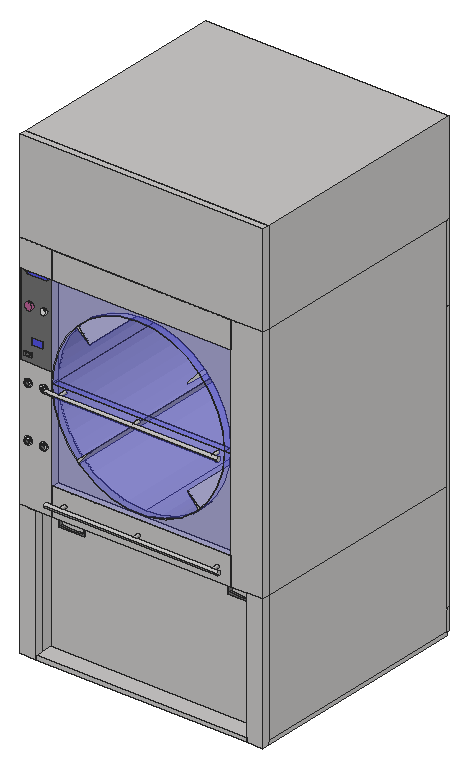
Revit family "QF_ELECTROLUXPROFESSIONAL_1LSPHR_TD6-45SLD_S", category Attrezzature speciali, Revit 2021
Family settings
  Quota connettore circolare = Usa diametro
  Tipo di parte = Normale
  Basato su piano di lavoro = No
  Sempre verticale = Sì
  Taglio con vuoti quando caricato = No
  Condiviso = No
  Punto di calcolo locali = No
Parameters (values of type "1L0HDK")
  Weight in Pounds = 494
  Watts = 3 W
  Volts = 380 V
  URL = "https://www.electroluxprofessional.com"
  Steam Supply Size = 25 mm
  Steam Supply Minimum Pressure = 100.0 Pa
  Steam Supply Maximum Pressure = 1000.0 Pa
  Steam Pounds per Hour = 0
  Prospetto di default = 0 mm
  Produttore = "Electrolux Professional"
  Phase = 3
  Model = ""
  Length Actual = 1314 mm
  Item Number = "9875030029"
  Hot Water Size = 0 mm
  Height Actual = 2465 mm
  Gas Size = 0 mm
  Gas KW = 0
  Direct Waste Size = 0 mm
  Description = "TUMBLE DRYER DRUM VOLUME 900L CAPACITY 45KG/100LB SLIDING DOOR "
  Depth Actual = 1300 mm
  Cycle = 50 Hz
  Condensate Return Size = 25 mm
  Compressed Air Volume = 0.0 L/s
  Compressed Air Size = 0 mm
  Compressed Air Pressure = 0.0 Pa
  Cold Water Size = 0 mm
  ALL_MODEL_IMAGE = 0
Types (4, lengths in mm): name | Weight in Pounds | Length Actual | Item Number | Height Actual | Depth Actual
  (no name) | 494 | 1314 | "9875030029" | 2465 | 1300
  1L0HDK | 494 | 1314 | "9875030029" | 2465 | 1300
  1L82BD | 546 | 1320 | "9875030016" | 2550 | 1305
  1L99A4 | 546 | 1320 | "9875030036" | 2550 | 1305
Reference planes
  plane 1 "Center (Front/Back)": y = 0
  plane 2: z = 0
  plane 3 "Center (Left/Right)": x = 0
  plane 4 "LEFT": x = -645
  plane 5 "RIGHT": x = 675
  plane 6 "BACK": y = 607.5
  plane 7 "FRONT": y = -697.5
  plane 8 "voidPanel": through (0, -279.09, 846.678) normal (0, -0.9308, 0.3656)
  plane 9 "TOP": z = 2550
  plane 10: z = 2050
  plane 11: z = 930
  plane 12 "GasZ": z = 2130
  plane 13 "EI_Z": z = 1670
  plane 14 "SteamReturn_Z": z = 2130
  plane 15 "SteamInletZ": z = 2425
  plane 16: z = 750
  plane 17 "Maniglia": z = 825
  plane 18: x = 510
  plane 19 "STEAM_x": x = 145
  plane 20 "GAS_x": x = 15
  plane 21 "Button1": x = -600
  plane 22 "Button2": x = -515
  plane 23 "AIR_z": z = 330
  plane 24: z = 2660
  plane 25: y = -942.5
Forms (mm)
  Revolve 1, solid, material "Glass"
    sketch origin (0, -25, 1395) x (-1, 0, 0) y (0, -1, 0)
      loop
        line (271.034, -452.879) -> (240.785, -467.184)
        arc (240.785, -467.184) -> (232.42, -469.524) -> (223.77, -470.313) r 47.824
        line (223.77, -470.313) -> (0, -470.313) -> (0, -472.313) -> (223.77, -472.313)
        arc (223.77, -472.313) -> (232.82, -471.484) -> (241.57, -469.025) r 49.824
        line (241.57, -469.025) -> (271.889, -454.687)
        arc (271.889, -454.687) -> (278.705, -450.474) -> (284.416, -444.854) r 35.892
        line (284.416, -444.854) -> (447.003, -444.854)
        arc (447.003, -444.854) -> (463.264, -438.119) -> (470, -421.858) r 22.997
        line (470, -421.858) -> (470, 672.5) -> (465, 672.5) -> (465, -421.858)
        arc (465, -421.858) -> (459.729, -434.583) -> (447.003, -439.854) r 17.997
        line (447.003, -439.854) -> (285.5, -439.854)
        arc (285.5, -439.854) -> (279.222, -447.428) -> (271.034, -452.879) r 33.892
      axis (0, -472.313) -> (0, 672.5)
    angle from 0 to 360
  Extrusion 2, solid, material "QF_Finishes_Rubber Black"
    sketch origin (25, 0, 0) x (1, 0, 0) y (0, 1, 0)
      loop
        circle (-610, 510.1) r 20
    from 0 to 10
  Extrusion 3, solid, material "QF_Finishes_Stainless Steel"
    sketch origin (25, 0, 0) x (1, 0, 0) y (0, 1, 0)
      loop
        circle (-610, 510.1) r 11
    from 10 to 25
  Extrusion 4, solid, material "QF_Finishes_Rubber Black"
    sketch origin (25, 0, 0) x (1, 0, 0) y (0, 1, 0)
      loop
        circle (-610, -596.3) r 20
    from 0 to 10
  Extrusion 5, solid, material "QF_Finishes_Stainless Steel"
    sketch origin (25, 0, 0) x (1, 0, 0) y (0, 1, 0)
      loop
        circle (-610, -596.3) r 11
    from 10 to 25
  Extrusion 6, solid, material "QF_Finishes_Rubber Black"
    sketch origin (-25, 0, 0) x (-1, 0, 0) y (0, -1, 0)
      loop
        circle (-640, -510.1) r 20
    from 0 to 10
  Extrusion 7, solid, material "QF_Finishes_Stainless Steel"
    sketch origin (-25, 0, 0) x (-1, 0, 0) y (0, -1, 0)
      loop
        circle (-640, -510.1) r 11
    from 10 to 25
  Extrusion 8, solid, material "QF_Finishes_Rubber Black"
    sketch origin (-25, 0, 0) x (-1, 0, 0) y (0, -1, 0)
      loop
        circle (-640, 596.3) r 20
    from 0 to 10
  Extrusion 9, solid, material "QF_Finishes_Stainless Steel"
    sketch origin (-25, 0, 0) x (-1, 0, 0) y (0, -1, 0)
      loop
        circle (-640, 596.3) r 11
    from 10 to 25
  Extrusion 10, solid, material "QF_Finishes_Stainless Steel"
    sketch origin (0, 607.5, 0) x (0, 0, 1) y (-1, 0, 0)
      loop
        circle (1670, -510) r 5
    from 35 to 45
  Extrusion 11, solid, material "QF_Finishes_Dark Grey"
    sketch origin (0, -697.5, 0) x (0, 0, 1) y (-1, 0, 0)
      loop
        line (1900, 472) -> (1900, 486.361) -> (1885, 501.361) -> (1885, 601.361) -> (1900, 616.361) -> (1900, 643) -> (1455, 643) -> (1455, 472) -> (1900, 472)
      loop
        line (1547.246, 521.361) -> (1582.246, 521.361) -> (1582.246, 581.361) -> (1547.246, 581.361) -> (1547.246, 521.361)
    from 0 to -40
  Extrusion 12, solid, material "QF_Finishes_Stainless Steel"
    sketch origin (0, -697.5, 0) x (0, 0, 1) y (-1, 0, 0)
      loop
        line (2050, -675) -> (2050, 645) -> (750, 645) -> (750, -675) -> (2050, -675)
      loop
        circle (1395, 0) r 470
    from -1248 to -40
  Extrusion 13, solid, material "QF_Finishes_Stainless Steel"
    sketch origin (0, -697.5, 0) x (0, 0, 1) y (-1, 0, 0)
      loop
        line (2550, 645) -> (2050, 645) -> (2050, -675) -> (2550, -675) -> (2550, 645)
    from 0 to -40
  Extrusion 14, solid, material "QF_Finishes_Stainless Steel"
    sketch origin (0, -697.5, 0) x (0, 0, 1) y (-1, 0, 0)
      loop
        line (2550, 645) -> (2050, 645) -> (2050, -675) -> (2550, -675) -> (2550, 645)
    from -40 to -1260
  Extrusion 15, solid, material "QF_Finishes_Stainless Steel"
    sketch origin (0, 0, 0) x (0, 1, 0) y (0, 0, 1)
      loop
        circle (-742.5, 825) r 10
    from -470 to 470
  Extrusion 16, solid, material "QF_Finishes_Stainless Steel"
    sketch origin (0, -697.5, 0) x (0, 0, 1) y (-1, 0, 0)
      loop
        circle (825, 0) r 7.495
      loop
        circle (825, 400) r 7.495
      loop
        circle (825, -430) r 7.495
    from 0 to 45.288
  Extrusion 17, solid, material "QF_Finishes_Stainless Steel"
    sketch origin (0, 0, 0) x (1, 0, 0) y (0, 1, 0)
      loop
        line (-645, 550.5) -> (-645, -657.5) -> (675, -657.5) -> (675, 550.5) -> (-645, 550.5)
    from 45 to 25
  Extrusion 18, solid, material "QF_Finishes_Stainless Steel"
    sketch origin (0, -697.5, -1800) x (0, 0, 1) y (-1, 0, 0)
      loop
        line (2550, 645) -> (1825, 645) -> (1825, 557.5) -> (2550, 557.5) -> (2550, 645)
      loop
        line (2550, -675) -> (2550, -587.5) -> (1825, -587.5) -> (1825, -675) -> (2550, -675)
    from 0 to -40
  Extrusion 19, solid, material "QF_Finishes_Stainless Steel"
    sketch origin (0, -697.5, -1800) x (0, 0, 1) y (-1, 0, 0)
      loop
        line (2550, 645) -> (1845, 645) -> (1845, -675) -> (2550, -675) -> (2550, 645)
    from -40 to -1248
  Extrusion 20, solid, material "QF_Finishes_Stainless Steel"
    sketch origin (0, 607.5, 0) x (0, 0, 1) y (-1, 0, 0)
      loop
        line (1630, 645) -> (159, 645) -> (159, -675) -> (1630, -675) -> (1630, 645)
      loop
        circle (330, 415) r 165.732
    from 45 to 57
  Extrusion 21, solid, material "QF_Finishes_Stainless Steel"
    sketch origin (0, 607.5, 85) x (0, 0, 1) y (-1, 0, 0)
      loop
        circle (245, 415) r 157.5
    from 27 to 57
  Extrusion 22, solid, material "QF_Finishes_Stainless Steel"
    sketch origin (0, 607.5, 0) x (0, 0, 1) y (-1, 0, 0)
      loop
        line (2050, -675) -> (2050, 645) -> (1630, 645) -> (1630, -335) -> (1710, -335) -> (1710, -635) -> (1630, -635) -> (1630, -675) -> (2050, -675)
    from 45 to 57
  Extrusion 23, solid, material "QF_Finishes_Stainless Steel"
    sketch origin (0, 607.5, 0) x (0, 0, 1) y (-1, 0, 0)
      loop
        circle (1395, 0) r 602.448
    from 82 to 57
  Extrusion 24, solid, material "QF_Finishes_Stainless Steel"
    sketch origin (0, 607.5, 0) x (0, 0, 1) y (-1, 0, 0)
      loop
        line (1811, -415) -> (1731, -415) -> (1731, -495) -> (1811, -495) -> (1811, -415)
    from 35 to 45
  Extrusion 25, solid, material "QF_Finishes_Stainless Steel"
    sketch origin (0, 607.5, 0) x (0, 0, 1) y (-1, 0, 0)
      loop
        circle (1771, -455) r 40
    from 15 to 35
  Extrusion 26, solid, material "QF_Finishes_Stainless Steel"
    sketch origin (0, 607.5, 0) x (0, 0, 1) y (-1, 0, 0)
      loop
        line (1806, -450) -> (1736.952, -450) -> (1736.952, -460) -> (1806, -460) -> (1806, -450)
    from 0 to 15
  Extrusion 27, solid, material "QF_Finishes_Stainless Steel"
    sketch origin (0, 607.5, 0) x (0, 0, 1) y (-1, 0, 0)
      loop
        circle (2425, -145) r 16.625
    from 35 to 45
  Extrusion 28, solid, material "QF_Finishes_Stainless Steel"
    sketch origin (0, 607.5, 0) x (0, 0, 1) y (-1, 0, 0)
      loop
        circle (2130, -145) r 16.625
    from 35 to 45
  Extrusion 29, solid, material "QF_Finishes_Blue"
    sketch origin (0, -697.5, -55) x (0, 0, 1) y (-1, 0, 0)
      loop
        line (1955, 616.361) -> (1940, 601.361) -> (1940, 501.361) -> (1955, 486.361) -> (1955, 616.361)
    from 0 to -40
  Extrusion 30, solid, material "QF_Finishes_Red"
    sketch origin (10, -697.5, -245) x (0, 0, 1) y (-1, 0, 0)
      loop
        circle (1980, 601.361) r 20
    from 10 to 0
  Extrusion 31, solid, material "QF_Finishes_White"
    sketch origin (-1112.721, -697.5, -245) x (0, 0, 1) y (-1, 0, 0)
      loop
        circle (1980, -601.361) r 15
    from 10 to 0
  Extrusion 32, solid, material "QF_Finishes_Blue"
    sketch origin (0, -697.5, -325) x (0, 0, 1) y (-1, 0, 0)
      loop
        line (1907.246, 581.361) -> (1872.246, 581.361) -> (1872.246, 521.361) -> (1907.246, 521.361) -> (1907.246, 581.361)
    from 0 to -40
  Extrusion 33, solid, material "QF_Finishes_Dark Grey"
    sketch origin (0, -697.5, -325) x (0, 0, 1) y (-1, 0, 0)
      loop
        line (1830.636, 611.24) -> (1814.636, 611.24) -> (1814.636, 587.24) -> (1830.636, 587.24) -> (1830.636, 611.24)
      loop
        line (1812.636, 619.24) -> (1812.636, 579.24) -> (1832.636, 579.24) -> (1832.636, 619.24) -> (1812.636, 619.24)
    from 5 to 0
  Extrusion 34, solid, material "QF_Finishes_Dark Grey"
    sketch origin (0, -697.5, -325) x (0, 0, 1) y (-1, 0, 0)
      loop
        line (1815.636, 588.24) -> (1829.636, 588.24) -> (1829.636, 607.24) -> (1815.636, 607.24) -> (1815.636, 588.24)
    from 5 to 0
  Extrusion 35, solid, material "QF_Finishes_Stainless Steel"
    sketch origin (0, -697.5, 0) x (0, 0, 1) y (-1, 0, 0)
      loop
        line (750, 470) -> (2050, 470) -> (2050, 645) -> (750, 645) -> (750, 470)
      loop
        line (1455, 472) -> (1900, 472) -> (1900, 643) -> (1455, 643) -> (1455, 472)
    from 0 to -40
  Extrusion 36, solid, material "Glass"
    sketch origin (-2.279, -697.5, 0) x (0, 0, 1) y (-1, 0, 0)
      loop
        line (1900, 467.721) -> (1395, 467.721) -> (1395, -502.279) -> (1900, -502.279) -> (1900, 467.721)
    from 0 to -40
  Extrusion 37, solid, material "Glass"
    sketch origin (0, -697.5, 0) x (0, 0, 1) y (-1, 0, 0)
      loop
        line (1395, 470) -> (900, 470) -> (900, -500) -> (1395, -500) -> (1395, 470)
    from 0 to -40
  Extrusion 38, solid, material "QF_Finishes_Stainless Steel"
    sketch origin (0, -697.5, 2630) x (0, 0, -1) y (1, 0, 0)
      loop
        line (730, -470) -> (730, 500) -> (580, 500) -> (580, -470) -> (730, -470)
    from 0 to -40
  Extrusion 39, solid, material "QF_Finishes_Stainless Steel"
    sketch origin (0, -697.5, 0) x (0, 0, 1) y (-1, 0, 0)
      loop
        line (750, -500) -> (750, -675) -> (2050, -675) -> (2050, -500) -> (750, -500)
    from -40 to 0
  Extrusion 40, solid, material "QF_Finishes_Stainless Steel"
    sketch origin (0, -697.5, 0) x (0, 0, 1) y (-1, 0, 0)
      loop
        line (900, 470) -> (750, 470) -> (750, -500) -> (900, -500) -> (900, 470)
    from 0 to -40
  Extrusion 41, solid, material "QF_Finishes_Stainless Steel"
    sketch origin (0, -697.5, 0) x (0, 0, 1) y (-1, 0, 0)
      loop
        line (1060.314, 324.828) -> (1131.765, 266.289)
        arc (1131.765, 266.289) -> (1132.937, 266.347) -> (1132.995, 267.518) r 0.873
        line (1132.995, 267.518) -> (1074.442, 338.778)
        arc (1074.442, 338.778) -> (1067.303, 331.878) -> (1060.314, 324.828) r 466.399
      loop
        arc (1060.314, -324.828) -> (1067.303, -331.878) -> (1074.442, -338.778) r 466.399
        line (1074.442, -338.778) -> (1132.995, -267.518)
        arc (1132.995, -267.518) -> (1132.937, -266.347) -> (1131.765, -266.289) r 0.873
        line (1131.765, -266.289) -> (1060.314, -324.828)
      loop
        arc (1729.686, 324.828) -> (1722.697, 331.878) -> (1715.558, 338.778) r 466.399
        line (1715.558, 338.778) -> (1657.005, 267.518)
        arc (1657.005, 267.518) -> (1657.063, 266.347) -> (1658.235, 266.289) r 0.873
        line (1658.235, 266.289) -> (1729.686, 324.828)
      loop
        line (1729.686, -324.828) -> (1658.235, -266.289)
        arc (1658.235, -266.289) -> (1657.063, -266.347) -> (1657.005, -267.518) r 0.873
        line (1657.005, -267.518) -> (1715.558, -338.778)
        arc (1715.558, -338.778) -> (1722.697, -331.878) -> (1729.686, -324.828) r 466.399
    from 0 to -1055.325
  Extrusion 42, solid, material "QF_Finishes_White"
    sketch origin (0, -697.5, 0) x (0, 0, 1) y (-1, 0, 0)
      loop
        circle (1356.391, 600) r 20
      loop
        circle (1356.391, 515) r 20
      loop
        circle (1076.391, 600) r 20
      loop
        circle (1076.391, 515) r 20
    from 0 to 1.6
  Extrusion 43, solid, material "QF_Finishes_White"
    sketch origin (0, -697.5, 0) x (0, 0, 1) y (-1, 0, 0)
      loop
        circle (1356.391, 600) r 14
      loop
        circle (1356.391, 600) r 12.986
      loop
        circle (1356.391, 515) r 9
      loop
        circle (1356.391, 515) r 8
      loop
        circle (1076.391, 600) r 14
      loop
        circle (1076.391, 600) r 12.986
      loop
        circle (1076.391, 515) r 14
      loop
        circle (1076.391, 515) r 12.986
    from 1.6 to 10
  Extrusion 44, solid, material "QF_Finishes_Dark Grey"
    sketch origin (0, -697.5, 0) x (0, 0, 1) y (-1, 0, 0)
      loop
        circle (1356.391, 515) r 8
      loop
        circle (1356.391, 600) r 12.986
      loop
        circle (1076.391, 515) r 12.986
      loop
        circle (1076.391, 600) r 12.986
    from 1.6 to 10
  Extrusion 45, solid, material "QF_Finishes_Stainless Steel"
    sketch origin (0, 0, 570) x (0, 1, 0) y (0, 0, 1)
      loop
        circle (-742.5, 808) r 10
    from -470 to 470
  Extrusion 46, solid, material "QF_Finishes_Stainless Steel"
    sketch origin (0, -697.5, 570) x (0, 0, 1) y (-1, 0, 0)
      loop
        circle (808, 0) r 7.495
      loop
        circle (808, 400) r 7.495
      loop
        circle (808, -430) r 7.495
    from 0 to 45.288
  Extrusion 47, void
    sketch origin (0, -697.5, 0) x (0, 0, 1) y (-1, 0, 0)
      loop
        line (750, 557.5) -> (45, 557.5) -> (45, -587.5) -> (750, -587.5) -> (750, 557.5)
    from 0 to -100
  Extrusion 48, solid, material "QF_Finishes_Stainless Steel"
    sketch origin (0, -697.5, 0) x (0, 0, 1) y (-1, 0, 0)
      loop
        line (45, 557.5) -> (25, 557.5) -> (25, -587.5) -> (45, -587.5) -> (45, 557.5)
    from 0 to -40
  Extrusion 49, void
    sketch origin (0, -697.5, 0) x (0, 0, 1) y (-1, 0, 0)
      loop
        line (699.085, 515) -> (639.085, 515) -> (639.085, 375) -> (699.085, 375) -> (699.085, 515)
      loop
        line (699.085, -545) -> (699.085, -405) -> (639.085, -405) -> (639.085, -545) -> (699.085, -545)
    from -118.33 to -100
  Extrusion 50, solid, material "QF_Finishes_Dark Grey"
    sketch origin (0, -697.5, 0) x (0, 0, 1) y (-1, 0, 0)
      loop
        line (699.085, 515) -> (639.085, 515) -> (639.085, 375) -> (699.085, 375) -> (699.085, 515)
      loop
        line (694.085, 380) -> (694.085, 510) -> (649.085, 510)
        arc (649.085, 510) -> (642.609, 445) -> (649.085, 380) r 329.475
        line (649.085, 380) -> (694.085, 380)
      loop
        line (699.085, -545) -> (699.085, -405) -> (639.085, -405) -> (639.085, -545) -> (699.085, -545)
      loop
        line (694.085, -410) -> (649.085, -410)
        arc (649.085, -410) -> (642.609, -475) -> (649.085, -540) r 329.475
        line (649.085, -540) -> (694.085, -540) -> (694.085, -410)
    from -118.33 to -100
  Extrusion 51, solid, material "QF_Finishes_Stainless Steel"
    sketch origin (0, 607.5, -840) x (0, 0, 1) y (-1, 0, 0)
      loop
        line (999, 645) -> (885, 645) -> (885, -675) -> (999, -675) -> (999, 645)
    from 45 to 57
  Extrusion 52, solid, material "QF_Clearances", detail levels coarse
    sketch origin (0, 0, 0) x (0, 1, 0) y (0, 0, 1)
      loop
        line (-697.5, 45) -> (-697.5, 2550) -> (323.448, 2550) -> (312.689, 2660) -> (-941.264, 2537.358) -> (-697.5, 45)
    from -645 to 675
Cuts and joins
  joined: Extrusion 15, Extrusion 16
  joined: Extrusion 12, Extrusion 23
  Extrusion 47, Extrusion 49 cuts Extrusion 19
  joined: Extrusion 17, Extrusion 48
Lines and regions (mm)
  symbolic lines
    curve 1: line (-645, 562.5, 744.475) -> (675, 562.5, 744.475)
    curve 2: line (-645, -657.5, 744.475) -> (-645, 562.5, 744.475)
    curve 3: line (675, -657.5, 744.475) -> (-645, -657.5, 744.475)
    curve 4: line (675, 562.5, 744.475) -> (675, -657.5, 744.475)
    curve 5: line (-645, -657.5, 744.475) -> (-645, -697.5, 744.475)
    curve 6: line (-645, -697.5, 744.475) -> (675, -697.5, 744.475)
    curve 7: line (675, -697.5, 744.475) -> (675, -657.5, 744.475)
    curve 8: line (-635, -697.5, 744.475) -> (-635, -699.5, 744.475)
    curve 9: line (-635, -699.5, 744.475) -> (-486.361, -699.5, 744.475)
    curve 10: line (-486.361, -699.5, 744.475) -> (-486.361, -697.5, 744.475)
    curve 11: line (-619.24, -699.5, 744.475) -> (-619.24, -707.5, 744.475)
    curve 12: line (-619.24, -707.5, 744.475) -> (-496.361, -707.5, 744.475)
    curve 13: line (-496.361, -707.5, 744.475) -> (-496.361, -699.5, 744.475)
    curve 14: line (-470, -732.5, 744.475) -> (-470, -752.5, 744.475)
    curve 15: line (-470, -752.5, 744.475) -> (470, -752.5, 744.475)
    curve 16: line (470, -752.5, 744.475) -> (470, -732.5, 744.475)
    curve 17: line (470, -732.5, 744.475) -> (437.495, -732.5, 744.475)
    curve 18: line (437.495, -732.5, 744.475) -> (437.495, -697.5, 744.475)
    curve 19: line (422.505, -732.5, 744.475) -> (422.505, -697.5, 744.475)
    curve 20: line (422.505, -732.5, 744.475) -> (-392.505, -732.5, 744.475)
    curve 21: arc (437.495, -732.5, 744.475) -> (430, -735.88, 744.475) -> (422.505, -732.5, 744.475) r 10
    curve 28: line (7.495, -732.5, 744.475) -> (7.495, -697.5, 744.475)
    curve 29: line (-7.495, -732.5, 744.475) -> (-7.495, -697.5, 744.475)
    curve 30: arc (7.495, -732.5, 744.475) -> (0, -735.88, 744.475) -> (-7.495, -732.5, 744.475) r 10
    curve 31: line (-392.505, -732.5, 744.475) -> (-392.505, -697.5, 744.475)
    curve 32: line (-407.495, -732.5, 744.475) -> (-407.495, -697.5, 744.475)
    curve 33: arc (-392.505, -732.5, 744.475) -> (-400, -735.88, 744.475) -> (-407.495, -732.5, 744.475) r 10
  symbolic lines, style "SpecialityEquipmentHiddenLines"
    curve 22: line (495, 562.5, 744.475) -> (495, 592.5, 744.475)
    curve 23: line (495, 592.5, 744.475) -> (415, 592.5, 744.475)
    curve 24: line (415, 592.5, 744.475) -> (415, 562.5, 744.475)
    curve 25: line (450, 592.5, 744.475) -> (450, 607.5, 744.475)
    curve 26: line (450, 607.5, 744.475) -> (460, 607.5, 744.475)
    curve 27: line (460, 607.5, 744.475) -> (460, 592.5, 744.475)
    curve 34: line (-407.495, -732.5, 744.475) -> (-470, -732.5, 744.475)
  symbolic lines, style "QF_Clearances"
    curve 35: line (-645, -697.5, 744.475) -> (-645, -941.264, 744.475)
    curve 36: line (-645, -941.264, 744.475) -> (675, -941.264, 744.475)
    curve 37: line (675, -941.264, 744.475) -> (675, -697.5, 744.475)
Dimensions and locks
  plane 7 "FRONT" to plane 6 "BACK" = 1305 mm
  plane 4 "LEFT" to plane 5 "RIGHT" = 1320 mm
  plane 9 "TOP" to level = 2550 mm
  plane 9 "TOP" to plane 10 = 500 mm
  plane 11 to level = 930 mm
  plane 12 "GasZ" to level = 2130 mm
  plane 13 "EI_Z" to level = 1670 mm
  plane 14 "SteamReturn_Z" to level = 2130 mm
  plane 15 "SteamInletZ" to level = 2425 mm
  locked: plane 10 to plane 16 at 1300
  plane 17 "Maniglia" to level = 825 mm
  plane 5 "RIGHT" to plane 18 = 165 mm
  plane 5 "RIGHT" to plane 19 "STEAM_x" = 530 mm
  plane 5 "RIGHT" to plane 20 "GAS_x" = 660 mm
  level to plane 23 "AIR_z" = 330 mm
  plane 24 to level = 2660 mm
  plane 25 to plane 6 "BACK" = 1550 mm
  aligned and locked: level to plane 2
Connectors
  electrical at (510, 572.5, 1670)
    settings: on Extrusion 10, index 6, voltage 0 V, apparent load 0 VA, apparent load phase1 0 VA, apparent load phase2 0 VA, apparent load phase3 0 VA, power factor 1, load classification "Other", number of poles 1, system type 30, power factor state 1, is connector primary yes, connector utility no, sub classification motor no, connector description "Electrical Connection"
  hvac at (-415, 580.5, 330)
    settings: on Extrusion 21, index 9, duct flow 0.0 L/s, flow factor 0, pres drop 0.0 Pa, loss coef 0, conn angle 0.00°, conn width 304.8 mm, conn height 304.8 mm, conn diameter 315 mm, duct sys type 3, conn prof type 0, flow config 1, flow direction 2, loss method 0, conn ref index -1, conn util no, is conn primary yes, conn desc "Exhaust Air Outlet"
  piping at (145, 572.5, 2425), diameter 33.3
    settings: on Extrusion 27, index 11, connector inside diameter 609.6 mm, connector length 0 mm, flow factor 0, pipe flow 0.0 L/s, pressure drop 0.0 Pa, fitting loss kfactor 0, connector angle 0.00°, fixture units 0, engagement length 0 mm, angle of deflection 0.00°, flow configuration 1, flow direction 1, fitting loss method 0, system type 7, joint type 0, gender type 0, connector reference index -1, connector utility 0, adjustable connector no, is connector primary yes, connector description "STEAM Inlet"
  piping at (145, 572.5, 2130), diameter 33.3
    settings: on Extrusion 28, index 12, connector inside diameter 609.6 mm, connector length 0 mm, flow factor 0, pipe flow 0.0 L/s, pressure drop 0.0 Pa, fitting loss kfactor 0, connector angle 0.00°, fixture units 0, engagement length 0 mm, angle of deflection 0.00°, flow configuration 1, flow direction 2, fitting loss method 0, system type 8, joint type 0, gender type 0, connector reference index -1, connector utility 0, adjustable connector no, is connector primary no, connector description "CONDENSATE CONNECTION"
